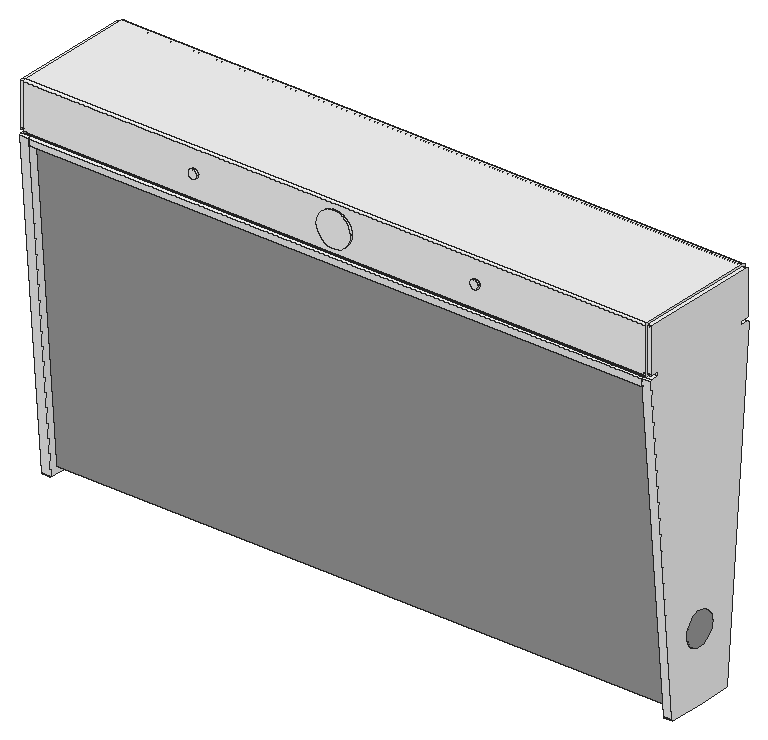
Revit family "L10 Premium Cleverfit Pro LED Exit_Wall Hosted_R15", category Lighting Fixtures, host Wall, Revit 2015
Parameters (values of type "DCFPRO")
  Width = 72 mm
  Wattage Comments = "Standby"
  Wattage = 9.2903 W
  built-in parameter 1150110 = 1 (stored number, unit not read)
  Viewing Distance = 24000 mm
  built-in parameter 1114217 = 1 (stored number, unit not read)
  Tilt Angle = 90.00°
  Testing System = "Clever-test"
  built-in parameter 1150109 = 1 (stored number, unit not read)
  built-in parameter 1150134 = 3
  built-in parameter 1150113 = 1 (stored number, unit not read)
  Sign Width = 178 mm
  Sign Length = 353 mm
  Sign Height = 3 mm
  Power Consumption = "3.70 W"
  Photometric Web File = "ll18240 - LCFPRO-ZW.IES"
  Operating Voltage = "240.00 V"
  Operating Temperature = "10 to +40°C"
  Operating Mode = "Maintained"
  Mounting = "Surface Mount. Single Side Wall. Single or Double Side Ceiling."
  Lumens = 1380 lm
  built-in parameter 1150115 = 1 (stored number, unit not read)
  built-in parameter 1150105 = 109.82 (stored number, unit not read)
  built-in parameter 1150137 = (empty or 0)
  built-in parameter 1150139 = (empty or 0)
  Length = 367 mm
  built-in parameter 1150112 = 1 (stored number, unit not read)
  built-in parameter 1150114 = 1 (stored number, unit not read)
  Lamp = "2 x LED 100,000 hours"
  built-in parameter 1150132 = (empty or 0)
  built-in parameter 1150102 = (empty or 0)
  built-in parameter 1150138 = (empty or 0)
  built-in parameter 1150107 = 3200 (stored number, unit not read)
  built-in parameter 1150106 = 1.0982 (stored number, unit not read)
  IP Rating = "IP20"
  Height = 214 mm
  Emit from Circle Diameter = 609.6 mm
  Emit Shape Visible in Rendering = no
  built-in parameter 1150104 = 13.8 (stored number, unit not read)
  Dimming Lamp Color Temperature Shift = <None>
  Diffuser = "All directional inserts included in the box"
  Construction = "Fire-retardant PC/ABS body with Polycarbonate Diffusers"
  Color Filter = 16777215
  Charging Method = "Constant Current (16hrs), Pulse Charge (standby)"
  built-in parameter 1114218 = 1 (stored number, unit not read)
  Ballast = "Electronic"
  built-in parameter 1150133 = 10 (stored number, unit not read)
  Apparent Load = 3.6 VA
  AS2293 = "C0=D4, C90=E8"
Reference planes
  plane 1: y = 0
  plane 2 "Light Source Axis (L/R)": x = 125
  plane 3 "Light Source Axis (F/R)": y = 115
  plane 4 "Light Source Elevation": z = 1800
Text (mm)
  text "Placement side" at (-1787.139, 1116.779, 0), in view "Ref. Level"
  text "Placement side" at (0, 2110.396, 2986.058), in view "Left"
  text "Placement side" at (0, 628.478, 3011.967), in view "Right"
Dimensions and locks
  aligned and locked: plane 1 to host wall
  aligned and locked: plane 4 "Light Source Elevation" to imposter light
  aligned and locked: nested 1 to host wall
  aligned and locked: plane 2 "Light Source Axis (L/R)" to nested 1
  aligned and locked: nested 1 to plane 4 "Light Source Elevation"
Nested families
  nested 1: "Light" at (125, 112, 2013), type "Light"
Definition of nested family "Light"
  Parameters (values of type "Light")
    Sign Length = 353 mm
    Sign Height = 3 mm
  Reference planes
    plane 1 "Center (Front/Back)": y = 0
    plane 2: z = 0
    plane 3 "Center (Left/Right)": x = 0
    plane 4: y = 30
    plane 5: y = -30
    plane 6: y = 20
    plane 7: y = -20
    plane 8: y = 20
    plane 9: y = -20
  Forms (mm)
    Extrusion 1, solid, detail levels fine
      sketch origin (0, 0, 0) x (0, 1, 0) y (0, 0, -1)
        loop
          line (30, 28) -> (30, 27) -> (34.5, 27)
          arc (34.5, 27) -> (34.854, 26.854) -> (35, 26.5) r 0.5
          line (35, 26.5) -> (35, 1.5)
          arc (35, 1.5) -> (34.854, 1.146) -> (34.5, 1) r 0.5
          line (34.5, 1) -> (-34.5, 1)
          arc (-34.5, 1) -> (-34.854, 1.146) -> (-35, 1.5) r 0.5
          line (-35, 1.5) -> (-35, 26.5)
          arc (-35, 26.5) -> (-34.854, 26.854) -> (-34.5, 27) r 0.5
          line (-34.5, 27) -> (-30, 27) -> (-30, 28) -> (-35, 28)
          arc (-35, 28) -> (-35.707, 27.707) -> (-36, 27) r 1
          line (-36, 27) -> (-36, 1)
          arc (-36, 1) -> (-35.707, 0.293) -> (-35, 0) r 1
          line (-35, 0) -> (35, 0)
          arc (35, 0) -> (35.707, 0.293) -> (36, 1) r 1
          line (36, 1) -> (36, 27)
          arc (36, 27) -> (35.707, 27.707) -> (35, 28) r 1
          line (35, 28) -> (30, 28)
      from -181 to 181
    Extrusion 2, solid, detail levels fine
      sketch origin (0, 0, 0) x (0, 1, 0) y (0, 0, -1)
        loop
          line (35, 1.5) -> (35, 26.5)
          arc (35, 26.5) -> (34.854, 26.854) -> (34.5, 27) r 0.5
          line (34.5, 27) -> (30, 27) -> (30, 29) -> (35, 29) -> (35.588, 29.809) -> (20, 213) -> (19.434, 213.566) -> (0, 214) -> (-19.434, 213.566) -> (-20, 213) -> (-35.588, 29.809) -> (-35, 29) -> (-30, 29) -> (-30, 27) -> (-34.5, 27)
          arc (-34.5, 27) -> (-34.854, 26.854) -> (-35, 26.5) r 0.5
          line (-35, 26.5) -> (-35, 1.5)
          arc (-35, 1.5) -> (-34.854, 1.146) -> (-34.5, 1) r 0.5
          line (-34.5, 1) -> (34.5, 1)
          arc (34.5, 1) -> (34.854, 1.146) -> (35, 1.5) r 0.5
      from -183.5 to -178.5
    Extrusion 3, solid, detail levels fine
      sketch origin (0, 0, 0) x (0, 1, 0) y (0, 0, -1)
        loop
          line (35, 1.5) -> (35, 26.5)
          arc (35, 26.5) -> (34.854, 26.854) -> (34.5, 27) r 0.5
          line (34.5, 27) -> (30, 27) -> (30, 29) -> (35, 29) -> (35.588, 29.809) -> (20, 213) -> (19.434, 213.566) -> (0, 214) -> (-19.434, 213.566) -> (-20, 213) -> (-35.588, 29.809) -> (-35, 29) -> (-30, 29) -> (-30, 27) -> (-34.5, 27)
          arc (-34.5, 27) -> (-34.854, 26.854) -> (-35, 26.5) r 0.5
          line (-35, 26.5) -> (-35, 1.5)
          arc (-35, 1.5) -> (-34.854, 1.146) -> (-34.5, 1) r 0.5
          line (-34.5, 1) -> (34.5, 1)
          arc (34.5, 1) -> (34.854, 1.146) -> (35, 1.5) r 0.5
      from 178.5 to 183.5
    Extrusion 4, solid, detail levels fine
      sketch origin (0, 0, 0) x (0, 1, 0) y (0, 0, -1)
        loop
          line (31.631, 35.306) -> (16.897, 213) -> (13.89, 213) -> (13.89, 210.956) -> (7.831, 210.426) -> (7.831, 35.306) -> (31.631, 35.306)
      from -176.5 to 176.5
    Extrusion 5, solid, detail levels fine
      sketch origin (0, 0, 0) x (0, 1, 0) y (0, 0, -1)
        loop
          line (35, 29) -> (35.588, 29.809) -> (35.231, 34) -> (7.831, 34) -> (7.831, 212)
          arc (7.831, 212) -> (7.538, 212.707) -> (6.831, 213) r 1
          line (6.831, 213) -> (-6.831, 213)
          arc (-6.831, 213) -> (-7.538, 212.707) -> (-7.831, 212) r 1
          line (-7.831, 212) -> (-7.831, 34) -> (-35.231, 34) -> (-35.588, 29.809) -> (-35, 29) -> (35, 29)
      from -178.5 to 178.5
    Extrusion 6, solid, detail levels fine
      sketch origin (0, 0, 0) x (0, 1, 0) y (0, 0, -1)
        loop
          line (-7.831, 211) -> (-10.831, 211) -> (-25.331, 35.306) -> (-7.831, 35.306) -> (-7.831, 211)
      from -178.5 to 178.5
    Extrusion 7, solid, detail levels fine
      sketch origin (0, 0, 0) x (0, 1, 0) y (0, 0, -1)
        loop
          line (-10.988, 209.104) -> (-15.815, 209.104) -> (-30.604, 35.306) -> (-25.331, 35.306) -> (-10.988, 209.104)
      from -176.5 to 178.5
    Extrusion 8, void
      sketch origin (0, 0, 0) x (0, 1, 0) y (0, 0, -1)
        loop
          circle (0, 40) r 10
      from 181 to 183.5
    Extrusion 9, solid, detail levels fine
      sketch origin (0, 0, -214) x (0, 1, 0) y (0, 0, 1)
        loop
          circle (0, 40) r 9.5
      from 181 to 183.5
    Blend 10, void
      base sketch origin (0, 0, 0) x (0, 1, 0) y (0, 0, -1)
        loop
          circle (0, 40) r 8
      top sketch origin (0, 0, 0) x (0, 1, 0) y (0, 0, -1)
        loop
          circle (0, 40) r 9
      from 182.5 to 183.5
    Extrusion 11, void
      sketch origin (0, 0, 0) x (-1, 0, 0) y (0, 0, -1)
        loop
          line (136, 19) -> (131, 19) -> (131, 9) -> (136, 9) -> (136, 19)
      from -37 to -26
    Extrusion 12, solid, detail levels fine
      sketch origin (0, 0, 0) x (-1, 0, 0) y (0, 0, -1)
        loop
          circle (82, 14) r 5
        loop
          circle (-82, 14) r 5
      from -37 to -36
    Extrusion 13, solid, detail levels fine
      sketch origin (0, 0, 0) x (-1, 0, 0) y (0, 0, -1)
        loop
          circle (-82, 14) r 2.5
        loop
          circle (82, 14) r 2.5
        loop
          circle (0, 14) r 10
      from 36 to 37
  Cuts and joins
    Extrusion 8 cuts Extrusion 3
    Extrusion 11 cuts Extrusion 1
  Dimensions and locks
    locked: Extrusion 7 sketch curve to Extrusion 6 at 1.896
    Extrusion 11 sketch curve to Extrusion 11 sketch curve = 5 mm
    locked: Extrusion 11 sketch curve to Extrusion 11 sketch curve at 5
    Extrusion 11 sketch curve to Extrusion 11 sketch curve = 10 mm
    locked: Extrusion 11 sketch curve to Extrusion 11 sketch curve at 10
    aligned and locked: level to plane 2
    aligned and locked: Extrusion 1 sketch curve to plane 4
    aligned and locked: plane 5 to Extrusion 1 sketch curve
    aligned and locked: Extrusion 2 sketch curve to Extrusion 1  (x2)
    aligned and locked: plane 6 to Extrusion 2 sketch curve
    aligned and locked: Extrusion 2 sketch curve to plane 7
    aligned and locked: plane 8 to Extrusion 3 sketch curve
    aligned and locked: Extrusion 3 sketch curve to plane 9
  Nested families
    nested 1: "Sign" at (0, 27.56, -124.155) x (-1, 0, 0) z (0, -0.9964, 0.0848), type "Sign", detail levels fine
  Definition of nested family "Sign"
    Parameters
      Sign Length = 353 mm
      Sign Width = 178 mm
      Sign Height = 3 mm
      Default Elevation = 1219.2 mm
      Assembly Code = ""
    Reference planes
      plane 1 "Center (Front/Back)": y = 0
      plane 2: z = 0
      plane 3 "Center (Left/Right)": x = 0
      plane 4: y = 89
      plane 5: y = -89
      plane 6: x = -176.5
      plane 7: x = 176.5
      plane 8: z = 3
    Forms (mm)
      Extrusion 1, solid
        sketch origin (0, 0, 0) x (1, 0, 0) y (0, 1, 0)
          loop
            line (-1219.2, 1219.2) -> (-1219.2, -1219.2) -> (1219.2, -1219.2) -> (1219.2, 1219.2) -> (-1219.2, 1219.2)
        from 0 to -304.8
      Extrusion 2, solid
        sketch origin (0, 0, 0) x (1, 0, 0) y (0, 1, 0)
          loop
            line (-176.5, 89) -> (-176.5, -89) -> (176.5, -89) -> (176.5, 89) -> (-176.5, 89)
        from 0 to 3
    Dimensions and locks
      equal spacing: plane 6, plane 3 "Center (Left/Right)", plane 7
      equal spacing: plane 4, plane 1 "Center (Front/Back)", plane 5
      "Sign Width": plane 4 to plane 5
      "Sign Length": plane 6 to plane 7
      "Sign Height": plane 8 to level
      aligned and locked: plane 2 to Extrusion 1
      aligned and locked: level to Extrusion 1
      aligned and locked: plane 6 to Extrusion 2 sketch curve
      aligned and locked: Extrusion 2 sketch curve to plane 4
      aligned and locked: plane 5 to Extrusion 2 sketch curve
      aligned and locked: Extrusion 2 sketch curve to plane 7
      aligned and locked: plane 8 to Extrusion 2
    Automatic sketch dimensions
      Extrusion 1 sketch curve to Extrusion 1 sketch curve = 2438.4 mm  (x2)
